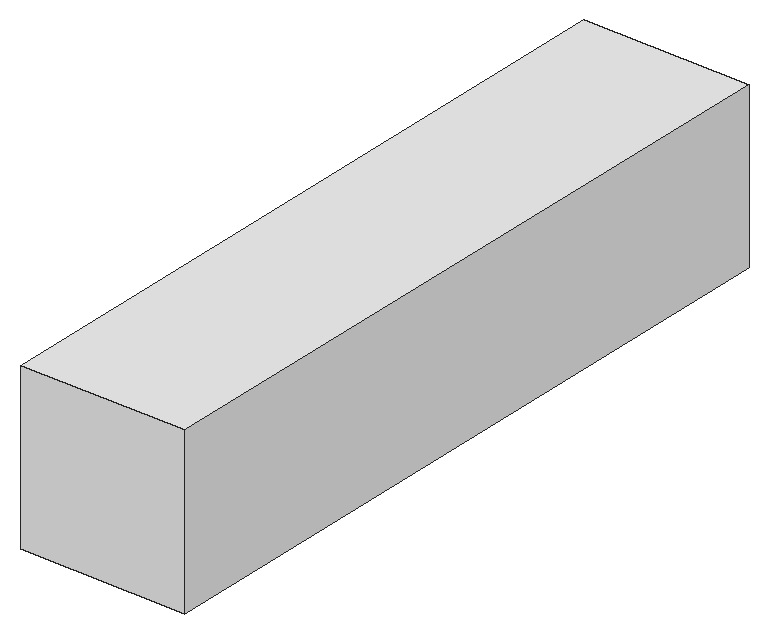
Revit family "Sanitary_Accessories_57114-PRESTO-Linea-Wall-mounted-single-sensor-tap-FR", category Pipe Accessories, Revit 2018
Family settings
  Round Connector Dimension = Use Diameter
  Part Type = Normal
  Work Plane-Based = No
  Always vertical = Yes
  Cut with Voids When Loaded = No
  Shared = No
Parameters (values of type "57114 PRESTO Linea  - Robinet simple électronique mural pour lavabo")
  Youtube clip = ""
  Weight Net (Kg) = ""
  Uniformat II Description = ""
  Uniformat II Code = ""
  Uniclass 2015 Name = ""
  Uniclass 2015 Code = ""
  Uniclass 2.0 Description = ""
  Uniclass 2.0 Code = ""
  Uniclass 1.4 Description = ""
  Uniclass 1.4 Code = ""
  URL du produit = "http://www.prestodatashare.com/centretelechargement/index.php?lang=FR&refs=57114"
  URL = "http://www.presto.fr"
  UNSPSC Code = ""
  Technical description = "http://www.prestodatashare.com/espacedoc/Fiches_Techniques/GB/57114.pdf"
  Region South America = ""
  Region Oceania = ""
  Region North America = ""
  Region Middle East = ""
  Region Europe = ""
  Region Asia = ""
  Region Antarctica = ""
  Region Africa = ""
  Raccordement = "Alimentation hydraulique : G 1/2'' (15x21)\r\nVanne d'arrêt intégrée\r\nAlimentation électrique : Pile lithium 6V CR123 intégrée dans le corps du robinet"  # constant formula
  QR code = "https://www.bimobject.com/presto/product/pre-linea-57114"
  Profondeur = 257.5 mm  # constant formula
  Product url = "http://www.prestodatashare.com/centretelechargement/index.php?lang=GB&refs=57114"
  Product name = "57114 PRESTO Linea - Wall-mounted single sensor tap"
  Product group = "Washbasin"
  Product family = "Sanitary"
  Product data url = "https://www.bimobject.com/presto/product/pre-linea-57114"
  Product certification = ""
  Product SKU = "PRE-LINEA-57114"
  Product Guid = "d837bb63-2f91-4ce2-94f8-3178ed7e2044"
  Pression [instance] = "1 à 5 bars"  # constant formula
  Perte de charge [instance] = 5.00 bar
  OmniClass Description = ""
  OmniClass Code = ""
  NBS Reference Description = ""
  NBS Reference Code = ""
  Model = "57114"
  Matériau [instance] = Corps en laiton chromé, intérieur lisse
  Masterformat 2014 Description = ""
  Masterformat 2014 Code = ""
  Manufacturer name = "Presto"
  Manufacturer country = ""
  Manufacturer = "LES ROBINETS PRESTO S.A."  # constant formula
  Lien notice d'utilisation = "http://www.prestodatashare.com/centretelechargement/support.php?ref=57114&lang=FR"
  Lien fiche produit = "http://www.prestodatashare.com/espacedoc/Fiches_Techniques/FR/57114.pdf"
  Lien CCTP = "http://www.prestodatashare.com/centretelechargement/index.php?lang=FR&refs=57114"
  Largeur = 60 mm  # constant formula
  Installation instructions = "http://www.prestodatashare.com/centretelechargement/support.php?ref=57114&lang=GB"
  IFC Classification = ""
  Hauteur = 60 mm  # constant formula
  Garantie = "10 ans"  # constant formula
  Fonction = "Débit : 3 l/mn par régulateur de débit intégré\r\nAérateur anti-tartre haute qualité"  # constant formula
  Flux = 3.00183 L/min
  Edition number = 1
  EAN code = ""
  Diamètre Nominal = 9.5 mm  # constant formula
  Design country = ""
  Description = "Traversée de cloison, Pile, 3l/min\r\nDéclenchement sans contact adapté PMR"  # constant formula
  Date of publishing = ""
  COBIe Type Category = ""
  Brand url = ""
  BIMobject category = "Sanitary Accessories"
  Adresse = "7, RUE RACINE - 92542 MONTROUGE CEDEX FRANCE"  # constant formula
Reference planes
  plane 1 "Center (Front/Back)": y = 0
  plane 2: z = 0
  plane 3 "Center (Left/Right)": x = 0
  plane 4: x = -30
  plane 5: x = 30
  plane 6: y = -257.5
  plane 7: z = 60
Forms (mm)
  Extrusion 1, solid, material "Corps en laiton chromé, intérieur lisse" <- "Matériau", detail levels fine
    sketch origin (0, 0, 0) x (1, 0, 0) y (0, 1, 0)
      loop
        line (-30, 0) -> (-30, -257.5) -> (30, -257.5) -> (30, 0) -> (-30, 0)
    from 0 to 60
Lines and regions (mm)
  symbolic lines
    curve 1: line (-30, 0, 0) -> (30, 0, 0)
    curve 2: line (30, 0, 0) -> (-30, -257.5, 0)
    curve 3: line (-30, -257.5, 0) -> (30, -257.5, 0)
    curve 4: line (30, -257.5, 0) -> (-30, 0, 0)
  model lines, detail levels coarse+medium
    curve 5: line (-30, -257.5, 30) -> (30, -257.5, 30)
    curve 6: line (30, -257.5, 30) -> (-30, 0, 30)
    curve 7: line (-30, 0, 30) -> (30, 0, 30)
    curve 8: line (30, 0, 30) -> (-30, -257.5, 30)
Dimensions and locks
  equal spacing: plane 4, plane 3 "Center (Left/Right)", plane 5
  "Largeur": plane 4 to plane 5
  "Hauteur": plane 7 to level
  "Profondeur": plane 6 to plane 1 "Center (Front/Back)"
  aligned and locked: plane 2 to level
  aligned and locked: Extrusion 1 sketch curve to plane 4
  aligned and locked: plane 5 to Extrusion 1 sketch curve
  aligned and locked: Extrusion 1 sketch curve to plane 6
  aligned and locked: plane 7 to Extrusion 1
  aligned and locked: Extrusion 1 to plane 1 "Center (Front/Back)"
  aligned and locked: plane 6 to Extrusion 1
  aligned and locked: plane 4 to curve 4
  aligned and locked: curve 3 to plane 4
  aligned and locked: plane 5 to curve 2
  aligned and locked: plane 5 to curve 4
  aligned and locked: plane 6 to curve 4
  aligned and locked: plane 6 to curve 3
  aligned and locked: plane 1 "Center (Front/Back)" to curve 4
  aligned and locked: plane 1 "Center (Front/Back)" to curve 2
Automatic sketch dimensions
  plane 1 "Center (Front/Back)" to Extrusion 1 sketch curve = 0 mm
  curve 8 to plane 4 = 0 mm
  plane 1 "Center (Front/Back)" to curve 7 = 0 mm
  curve 7 to plane 4 = 0 mm
  curve 7 to plane 5 = 0 mm
  curve 6 to plane 5 = 0 mm
  plane 6 to curve 5 = 0 mm
Connectors
  piping at (0, 0, 30), diameter 9.5, driven by "Diamètre Nominal", driven by "Flux", driven by "Perte de charge"
    settings: on Extrusion 1, index 1, connector inside diameter 24", connector length 0 mm, flow factor 0, pipe flow 3.00183 L/min, pressure drop 5.00 bar, fitting loss kfactor 0, connector angle 0.00°, fixture units 0, engagement length 0 mm, angle of deflection 0.00°, flow configuration 0, flow direction 1, fitting loss method 4, system type 20, joint type 0, gender type 0, connector reference index -1, connector utility 0, adjustable connector no, is connector primary yes, connector description "Water input"
